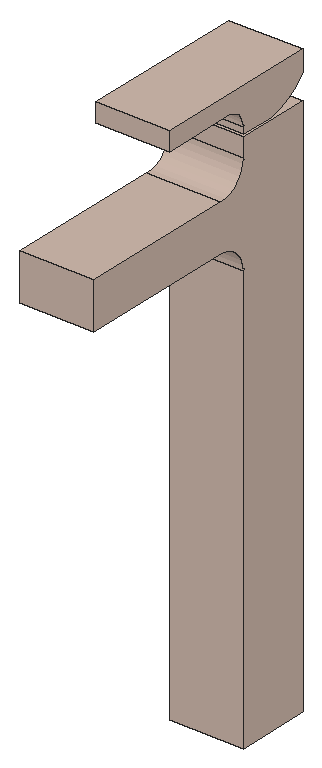
Revit family "Kohler Strayt 37329A-4ND-CP Family", category Plumbing Fixtures, Revit 2018
Family settings
  Round Connector Dimension = Use Diameter
  Part Type = Normal
  Work Plane-Based = No
  Always vertical = Yes
  Cut with Voids When Loaded = No
  Shared = No
  Room Calculation Point = No
Parameters (values of type "Kohler Strayt 37329A-4ND-CP")
  URL = "www.africa.kohler.com"
  Telephone = "011 050 9000"  # constant formula
  Model = "Kohler Strayt 37329A-4ND-CP"  # constant formula
  Material = Rose Gold
  Manufacturer = "Kohler Co."  # constant formula
  Hot Water Connection = 5.545 mm
  Height = 321.205 mm
  Faucet = 40 mm
  Email = "contact.africa@kohler.com"  # constant formula
  Disclaimer = "Although care has been taken to ensure, to the best of our knowledge, that all data and information contained herein is accurate to the extent that it relates to either matters of fact or accepted practice at the time of issue. MDFC (Pty) Ltd assumes no responsibility for any errors in, or misinterpretation of, such data and/ or information or any loss or damage arising from, or related to its use."  # constant formula
  Depth = 141 mm
  Company Address = "Block C Unit 2, Coachman’s Crossing Office Park, 4 Brian St, Lyme Park, Johannesburg, 2191"  # constant formula
  Cold Water Connection = 6 mm
Reference planes
  plane 1 "Center (Front/Back)": y = 0
  plane 2: z = 0
  plane 3 "Center (Left/Right)": x = 0
Forms (mm)
  Extrusion 1, solid, material "Rose Gold" <- "Material"
    sketch origin (0, 417.291, -77.726) x (0, 1, 0) y (0, 0, 1)
      loop
        line (-350.812, 77.726) -> (-350.812, 373.931) -> (-390.812, 373.931) -> (-390.812, 363.931)
        arc (-390.812, 363.931) -> (-395.206, 353.325) -> (-405.812, 348.931) r 15
        line (-405.812, 348.931) -> (-491.812, 348.931) -> (-491.812, 323.931) -> (-405.812, 323.931)
        arc (-405.812, 323.931) -> (-395.206, 319.538) -> (-390.812, 308.931) r 15
        line (-390.812, 308.931) -> (-390.812, 77.726) -> (-350.812, 77.726)
    from 0 to 40
  Extrusion 2, solid, material "Rose Gold" <- "Material"
    sketch origin (0, -0.492, 0) x (1, 0, 0) y (0, 1, 0)
      loop
        circle (20, 46.971) r 12
    from 296.205 to 311.205
  Extrusion 3, solid, material "Rose Gold" <- "Material"
    sketch origin (0, -0.492, 144.205) x (0, 1, 0) y (0, 0, 1)
      loop
        line (66.971, 165.376) -> (66.971, 177) -> (-23.029, 177) -> (-23.029, 167) -> (16.971, 167)
        arc (16.971, 167) -> (24.042, 164.071) -> (26.971, 157) r 10
        line (26.971, 157) -> (26.971, 153.531) -> (45.346, 153.531)
        arc (45.346, 153.531) -> (57.334, 157.307) -> (66.971, 165.376) r 32.271
    from 0 to 40
  Extrusion 4, solid, material "Rose Gold" <- "Material"
    sketch origin (0, 3.983, 0) x (1, 0, 0) y (0, 1, 0)
      loop
        circle (20, -53.137) r 10
      loop
        circle (20, -53.137) r 7.393
    from 240.757 to 253.923
  Extrusion 5, void
    sketch origin (0, -0.492, 0) x (1, 0, 0) y (0, 1, 0)
      loop
        circle (30.956, 46.971) r 2.773
      loop
        circle (7.736, 46.971) r 3
    from 0 to 5
Cuts and joins
  Extrusion 5 cuts Extrusion 1
  Extrusion 5 cuts Extrusion 2
  Extrusion 5 cuts Extrusion 3
  joined: Extrusion 1, Extrusion 2, Extrusion 3
Dimensions and locks
  "Height": cut or joined group of Extrusion 1, Extrusion 2, Extrusion 3, Extrusion 5 to level
  "Depth": cut or joined group of Extrusion 1, Extrusion 2, Extrusion 3, Extrusion 5 to cut or joined group of Extrusion 1, Extrusion 2, Extrusion 3, Extrusion 5
  "Faucet": cut or joined group of Extrusion 1, Extrusion 2, Extrusion 3, Extrusion 5 to cut or joined group of Extrusion 1, Extrusion 2, Extrusion 3, Extrusion 5
  diameter of Extrusion 5 sketch curve = 5.545 mm
  "Hot Water Connection": diameter of cut or joined group of Extrusion 1, Extrusion 2, Extrusion 3, Extrusion 5
  "Cold Water Connection": diameter of cut or joined group of Extrusion 1, Extrusion 2, Extrusion 3, Extrusion 5
  aligned and locked: level to plane 2
  aligned and locked: Extrusion 3 to Extrusion 1
  aligned and locked: Extrusion 1 to Extrusion 3
  aligned and locked: Extrusion 3 to Extrusion 2
  aligned and locked: Extrusion 2 to Extrusion 1
Automatic sketch dimensions
  level to Extrusion 1 sketch curve = 0 mm
  plane 1 "Center (Front/Back)" to Extrusion 1 sketch curve = 74.521 mm
  Extrusion 1 sketch curve to plane 1 "Center (Front/Back)" = 11.479 mm  (x2)
  Extrusion 1 sketch curve to Extrusion 1 sketch curve = 15 mm  (x2)
  Extrusion 1 sketch curve to Extrusion 1 sketch curve = 40 mm
  Extrusion 1 sketch curve to Extrusion 1 sketch curve = 231.205 mm
  Extrusion 1 sketch curve to Extrusion 1 sketch curve = 25 mm
  Extrusion 1 sketch curve to Extrusion 1 sketch curve = 10 mm
  plane 3 "Center (Left/Right)" to Extrusion 2 sketch curve = 20 mm
  Extrusion 2 sketch curve to plane 1 "Center (Front/Back)" = 46.479 mm
  plane 1 "Center (Front/Back)" to Extrusion 3 sketch curve = 23.521 mm
  Extrusion 3 sketch curve to plane 1 "Center (Front/Back)" = 16.479 mm
  Extrusion 3 sketch curve to Extrusion 3 sketch curve = 10 mm  (x2)
  Extrusion 3 sketch curve to Extrusion 3 sketch curve = 24.861 mm
  Extrusion 3 sketch curve to Extrusion 3 sketch curve = 18.375 mm
  Extrusion 3 sketch curve to Extrusion 3 sketch curve = 25.139 mm
  level to Extrusion 3 sketch curve = 297.737 mm
  Extrusion 3 sketch curve to Extrusion 3 sketch curve = 3.469 mm
  Extrusion 3 sketch curve to Extrusion 3 sketch curve = 11.845 mm
  Extrusion 4 sketch curve to Extrusion 4 sketch curve = 0 mm  (x2)
  plane 3 "Center (Left/Right)" to Extrusion 4 sketch curve = 20 mm
  plane 1 "Center (Front/Back)" to Extrusion 4 sketch curve = 49.153 mm
  plane 3 "Center (Left/Right)" to Extrusion 5 sketch curve = 7.736 mm
  Extrusion 5 sketch curve to plane 1 "Center (Front/Back)" = 46.479 mm
  Extrusion 5 sketch curve to Extrusion 5 sketch curve = 0 mm
  Extrusion 5 sketch curve to Extrusion 5 sketch curve = 23.22 mm
  radius of Extrusion 2 sketch curve = 12 mm
  radius of Extrusion 4 sketch curve = 10 mm
  radius of Extrusion 4 sketch curve = 7.393 mm
  radius of Extrusion 5 sketch curve = 3 mm
Connectors
  piping at (7.736, 46.479, 5), diameter 6, driven by "Cold Water Connection"
    settings: on cut or joined group of Extrusion 1, Extrusion 2, Extrusion 3, Extrusion 5, index 1, connector inside diameter 609.6 mm, connector length 0 mm, flow factor 0, pipe flow 0.0 L/s, pressure drop 0.0 Pa, fitting loss kfactor 0, connector angle 0.00°, fixture units 0, engagement length 0 mm, angle of deflection 0.00°, flow configuration 0, flow direction 0, fitting loss method 0, system type 20, joint type 0, gender type 0, connector reference index -1, connector utility 0, adjustable connector no, is connector primary yes, connector description ""
  piping at (30.956, 46.479, 5), diameter 5.545, driven by "Hot Water Connection"
    settings: on cut or joined group of Extrusion 1, Extrusion 2, Extrusion 3, Extrusion 5, index 2, connector inside diameter 609.6 mm, connector length 0 mm, flow factor 0, pipe flow 0.0 L/s, pressure drop 0.0 Pa, fitting loss kfactor 0, connector angle 0.00°, fixture units 0, engagement length 0 mm, angle of deflection 0.00°, flow configuration 0, flow direction 0, fitting loss method 0, system type 19, joint type 0, gender type 0, connector reference index -1, connector utility 0, adjustable connector no, is connector primary no, connector description ""
